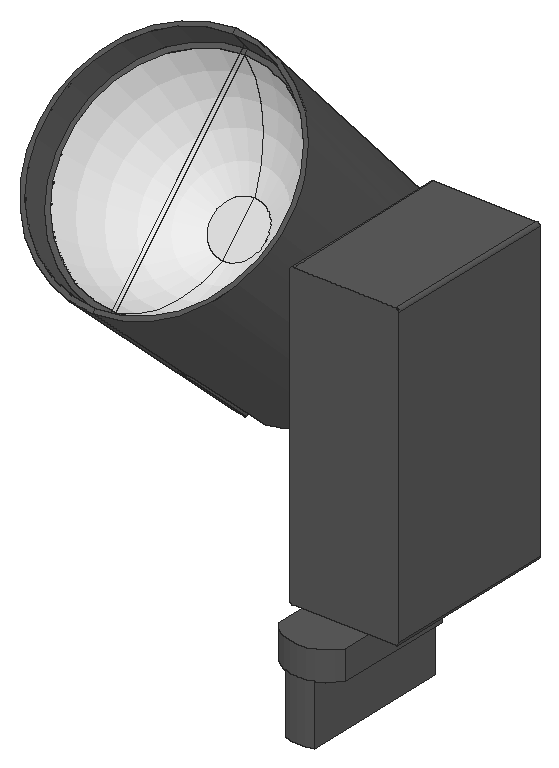
Revit family "0004906 Feilo Sylvania Lighting Fixture START TRACK SPOT L 55W 4K RA90 WB BLACK", category Lighting Fixtures, host Face, Revit 2017 (continued)
Definition of nested family "Start Track Spot Head"
  Types (96, lengths in mm): name | Wattage | built-in parameter 1150134 | Photometric Web File | Model | built-in parameter 1150105 | Lumens | built-in parameter 1150107 | built-in parameter 1150106 | HeadThickness_FEILO | HeadRibOffset_FEILO | HeadRibDepth_FEILO | HeadRibCutWidth_FEILO | HeadRibCutOffset_FEILO | HeadReflectorRadius_FEILO | HeadReflectorOffset_FEILO | HeadLEDRadius_FEILO | HeadHeight_FEILO | HeadDiffusorOffset_FEILO | HeadDiaOut_FEILO | HeadDiaIn_FEILO | HeadAxisFromTop_FEILO | Emit from Circle Diameter | built-in parameter 1150104 | Description | Apparent Load
    0004812 START TRACK SPOT S 14W 3K RA80 MB WHITE | 14 W | (empty or 0) | "0004812.ies" | "START TRACK SPOT S 14W 3K RA80 MB WHITE" | 120.32 (stored number, unit not read) | 1512 lm | 3000 (stored number, unit not read) | 1.2032 (stored number, unit not read) | 1.5 | 4.179 | 55.714 | 7.167 | 50.87 | 50.588 | 55.714 | 9.556 | 117 | 9.435 | 86 | 77.477 | 69.354 | 77.477 | 10.034 (stored number, unit not read) | "Integrated LED spotlight, Textured White - RAL9016, compact and minimalist design, ideal for retail applications, die-cast aluminium body, passive cooling heatsink. Beam angle: 36°, color temperature: 3000K , total system power: 14W, total fixture output: 1508 lm, LOR: 100%, colour rendering: Ra: 80 typical, LED Chromaticity: 3 step MacAdam ellipse, lifetime: >50000 hours at L70B50, energy class: A++, A+, A, IR/UV free light source without heat radiation, operating voltage: 220-240V / 50-60Hz, drive current: 350mA, electronic driver, non-dimmable, power factor: 0.92, electrical protection: Class II, Global Track 3 Phase adapter suitable for Global trac 3-circuit tracks, ingress protection rating: IP20, suitable for internal environment only, horizontal rotation: 355°, vertical tilt: 90°, dimensions: Ø86x140x200, weight: 0.940kg." | 14 VA
    0004811 START TRACK SPOT S 14W 3K RA80 NB WHITE | 14 W | (empty or 0) | "0004811.ies" | "START TRACK SPOT S 14W 3K RA80 NB WHITE" | 123.66 (stored number, unit not read) | 1554 lm | 3000 (stored number, unit not read) | 1.2366 (stored number, unit not read) | 1.5 | 4.179 | 55.714 | 7.167 | 50.87 | 50.588 | 55.714 | 9.556 | 117 | 9.435 | 86 | 77.477 | 69.354 | 77.477 | 10.312 (stored number, unit not read) | "Integrated LED spotlight, Textured White - RAL9016, compact and minimalist design, ideal for retail applications, die-cast aluminium body, passive cooling heatsink. Beam angle: 12°, color temperature: 3000K , total system power: 14W, total fixture output: 1551 lm, LOR: 100%, colour rendering: Ra: 80 typical, LED Chromaticity: 3 step MacAdam ellipse, lifetime: >50000 hours at L70B50, energy class: A++, A+, A, IR/UV free light source without heat radiation, operating voltage: 220-240V / 50-60Hz, drive current: 350mA, electronic driver, non-dimmable, power factor: 0.92, electrical protection: Class II, Global Track 3 Phase adapter suitable for Global trac 3-circuit tracks, ingress protection rating: IP20, suitable for internal environment only, horizontal rotation: 355°, vertical tilt: 90°, dimensions: Ø86x140x200, weight: 0.940kg." | 14 VA
  Reference planes
    plane 1 "Center (Front/Back)": y = 0
    plane 2: z = 0
    plane 3 "Center (Left/Right)": x = 0
    plane 4: x = 43
    plane 5: x = -43
    plane 6: x = -38.739
    plane 7: x = 38.739
    plane 8: z = 69.354
    plane 9: z = -47.646
    plane 10: x = -41.5
    plane 11: x = -37.239
    plane 12: z = -38.211
    plane 13: z = -35.211
    plane 14: z = 8.068
    plane 15: x = -9.556
    plane 16: x = -28.667
    plane 17: x = -19.111
    plane 18: x = -27.167
    plane 19: x = -17.611
    plane 20: x = -8.056
    plane 21: z = 13.64
    plane 22: x = -29.667
    plane 23: x = -26.167
    plane 24: x = -20.111
    plane 25: x = -16.611
    plane 26: x = -10.556
    plane 27: x = -7.056
    plane 28: x = -36.239
    plane 29: x = -40.5
    plane 30: z = 65.175
    plane 31: z = 60.997
    plane 32: z = 56.818
    plane 33: z = 18.484
    plane 34: y = -43
    plane 35: y = 43
    plane 36: y = 3.583
    plane 37: y = -3.583
    plane 38: y = -2.583
    plane 39: y = 2.583
    plane 40: y = 46
    plane 41: z = 13.5
    plane 42: z = -13.5
    plane 43: y = 39
    plane 44: x = 4.708
    plane 45: x = -2.458
    plane 46: x = -1.458
    plane 47: x = 1.458
  Forms (mm)
    Extrusion 1, solid
      sketch origin (4.2, 0, 0) x (1, 0, 0) y (0, 1, 0)
        loop
          line (-1219.2, 1219.2) -> (-1219.2, -1219.2) -> (1219.2, -1219.2) -> (1219.2, 1219.2) -> (-1219.2, 1219.2)
      from 0 to -68.017
    Revolve 2, solid, material <- "Material_1_FEILO", detail levels medium+fine
      sketch origin (0, 0, 0) x (1, 0, 0) y (0, 0, 1)
        loop
          line (-43, -47.646) -> (-41.5, -47.646) -> (-40.5, -35.211) -> (-38.739, -35.211)
          arc (-38.739, -35.211) -> (-30.16, -9.517) -> (-9.556, 8.068) r 50.588
          line (-9.556, 8.068) -> (0, 8.068) -> (0, 13.64) -> (-16.611, 13.64) -> (-17.611, 60.997) -> (-19.111, 60.997) -> (-20.111, 13.64) -> (-36.239, 13.64) -> (-37.239, 69.354) -> (-38.739, 69.354) -> (-43, -47.646)
        axis (0, 69.354) -> (0, -47.646)
      angle from 360 to 0
    Extrusion 3, void
      sketch origin (0, 0, 0) x (0, 1, 0) y (0, 0, 1)
        loop
          line (-3.583, 69.354) -> (-2.583, 18.484) -> (1.932, 18.484) -> (2.932, 69.354) -> (-3.583, 69.354)
      from 43 to -43
    Revolve 4, solid, material <- "Material_2_FEILO", detail levels medium+fine
      sketch origin (0, 0, 0) x (1, 0, 0) y (0, 0, 1)
        loop
          line (-41.5, -38.211) -> (0, -38.211) -> (0, -35.211) -> (-41.5, -35.211) -> (-41.5, -38.211)
        axis (0, -35.211) -> (0, -38.211)
      angle from 360 to 0
    Revolve 5, solid, material <- "Material_1_FEILO"
      sketch origin (0, 0, 0) x (0, 1, 0) y (0, 0, 1)
        loop
          line (46, 0) -> (39, 0) -> (39, -13.5) -> (46, -13.5) -> (46, 0)
        axis (39, 0) -> (46, 0)
      angle from 360 to 0
    Revolve 6, solid, material <- "Material_1_FEILO", detail levels medium+fine
      sketch origin (0, 0, 0) x (1, 0, 0) y (0, 0, 1)
        loop
          line (-29.667, 13.64) -> (-26.167, 13.64) -> (-27.167, 65.175) -> (-28.667, 65.175) -> (-29.667, 13.64)
        loop
          line (-10.556, 13.64) -> (-7.056, 13.64) -> (-7.833, 56.818) -> (-9.778, 56.818) -> (-10.556, 13.64)
        axis (0, 65.175) -> (0, 13.64)
      angle from 360 to 0
    Extrusion 7, void
      sketch origin (0, 0, 0) x (1, 0, 0) y (0, 0, 1)
        loop
          line (4.708, 69.354) -> (-2.458, 69.354) -> (-1.458, 13.64) -> (1.458, 13.64) -> (4.708, 69.354)
      from -43 to 43
    Revolve 8, solid, material <- "Material_1_FEILO", detail levels coarse
      sketch origin (0, 0, 0) x (1, 0, 0) y (0, 0, 1)
        loop
          line (0, 69.354) -> (-38.739, 69.354) -> (-43, -47.646) -> (-41.5, -47.646) -> (-40.731, -38.211) -> (0, -38.211) -> (0, 69.354)
        axis (0, 69.354) -> (0, -47.646)
      angle from 360 to 0
  Cuts and joins
    Extrusion 3 cuts Revolve 2
    Extrusion 7 cuts Revolve 6
  Dimensions and locks
    equal spacing: plane 7, plane 3 "Center (Left/Right)", plane 6
    equal spacing: plane 4, plane 3 "Center (Left/Right)", plane 5
    "HeadDiaOut_FEILO": plane 4 to plane 5
    "HeadDiaIn_FEILO": plane 7 to plane 6
    "HeadHeight_FEILO": plane 8 to plane 9
    "HeadThickness_FEILO": plane 10 to plane 5
    "HeadThickness_FEILO": plane 11 to plane 6
    "HeadDiffusorOffset_FEILO": plane 12 to plane 9
    "HeadDiffusorThickness_FEILO": plane 13 to plane 12
    "HeadReflectorOffset_FEILO": plane 14 to plane 9
    "HeadLEDRadius_FEILO": plane 3 "Center (Left/Right)" to plane 15
    "HeadLEDRadius_FEILO": plane 15 to plane 17
    "HeadLEDRadius_FEILO": plane 17 to plane 16
    "HeadThickness_FEILO": plane 18 to plane 16
    "HeadThickness_FEILO": plane 19 to plane 17
    "HeadThickness_FEILO": plane 20 to plane 15
    "HeadRibDepth_FEILO": plane 8 to plane 21
    "HeadDraft_FEILO": plane 16 to plane 22
    "HeadDraft_FEILO": plane 23 to plane 18
    "HeadDraft_FEILO": plane 17 to plane 24
    "HeadDraft_FEILO": plane 25 to plane 19
    "HeadDraft_FEILO": plane 15 to plane 26
    "HeadDraft_FEILO": plane 27 to plane 20
    "HeadDraft_FEILO": plane 29 to plane 10
    "HeadDraft_FEILO": plane 28 to plane 11
    "HeadRibOffset_FEILO": plane 8 to plane 30
    "HeadRibOffset_FEILO": plane 30 to plane 31
    "HeadRibOffset_FEILO": plane 31 to plane 32
    "HeadAxisFromTop_FEILO": plane 8 to plane 2
    "HeadRibCutOffset_FEILO": plane 8 to plane 33
    equal spacing: plane 34, plane 1 "Center (Front/Back)", plane 35
    "HeadDiaOut_FEILO": plane 34 to plane 35
    equal spacing: plane 38, plane 1 "Center (Front/Back)", plane 39
    equal spacing: plane 37, plane 1 "Center (Front/Back)", plane 36
    "HeadRibCutWidth_FEILO": plane 37 to plane 36
    "HeadDraft_FEILO": plane 37 to plane 38
    locked: plane 35 to plane 40 at 3
    equal spacing: plane 41, plane 2, plane 42
    locked: plane 42 to plane 41 at 27
    locked: plane 43 to plane 35 at 4
    equal spacing: plane 45, imposter light, plane 44
    "HeadDraft_FEILO": plane 46 to plane 45
    "HeadRibCutWidth_FEILO": plane 44 to plane 45
    equal spacing: plane 47, plane 3 "Center (Left/Right)", plane 46
    "HeadReflectorRadius_FEILO": radius of Revolve 2 sketch curve
    aligned and locked: plane 2 to Extrusion 1
    aligned and locked: level to Extrusion 1
    aligned and locked: Revolve 2 sketch curve to plane 3 "Center (Left/Right)"  (x2)
    aligned and locked: plane 9 to Revolve 2 sketch curve  (x2)
    aligned and locked: plane 5 to Revolve 2 sketch curve
    aligned and locked: plane 10 to Revolve 2 sketch curve
    aligned and locked: plane 14 to Revolve 2 sketch curve
    aligned and locked: plane 8 to Revolve 2 sketch curve
    aligned and locked: Revolve 2 sketch curve to plane 13
    aligned and locked: plane 12 to Revolve 4 sketch curve
    aligned and locked: plane 3 "Center (Left/Right)" to Revolve 4 sketch curve
    aligned and locked: Revolve 4 sketch curve to plane 10
    aligned and locked: Revolve 4 sketch curve to plane 3 "Center (Left/Right)"
    aligned and locked: plane 12 to imposter light
    aligned and locked: imposter light to plane 1 "Center (Front/Back)"
    aligned and locked: Revolve 5 sketch curve to plane 2
    aligned and locked: plane 43 to Revolve 5 sketch curve
    aligned and locked: plane 42 to Revolve 5 sketch curve
    aligned and locked: Revolve 6 sketch curve to plane 3 "Center (Left/Right)"
    aligned and locked: plane 22 to Revolve 6 sketch curve
    aligned and locked: plane 30 to Revolve 6 sketch curve
    aligned and locked: plane 23 to Revolve 6 sketch curve
    aligned and locked: Revolve 6 sketch curve to plane 21  (x2)
    aligned and locked: plane 21 to Revolve 6 sketch curve
    aligned and locked: plane 17 to Revolve 2 sketch curve
    aligned and locked: plane 19 to Revolve 2 sketch curve
    aligned and locked: plane 31 to Revolve 2 sketch curve
    aligned and locked: plane 21 to Revolve 2 sketch curve
    aligned and locked: Extrusion 3 to plane 8
    aligned and locked: plane 33 to Extrusion 3
    aligned and locked: plane 8 to Extrusion 3 sketch curve
    aligned and locked: Extrusion 3 sketch curve to plane 33
    aligned and locked: Extrusion 3 to plane 5
    aligned and locked: plane 4 to Extrusion 3
    aligned and locked: plane 32 to Revolve 6 sketch curve
    aligned and locked: plane 44 to Extrusion 7 sketch curve
    aligned and locked: Extrusion 7 sketch curve to plane 8
    aligned and locked: plane 46 to Extrusion 7 sketch curve
    aligned and locked: plane 21 to Extrusion 7 sketch curve
    aligned and locked: plane 34 to Extrusion 7
    aligned and locked: Extrusion 7 to plane 35
    aligned and locked: Revolve 4 sketch curve to plane 13
    aligned and locked: Revolve 5 sketch curve to plane 40
    aligned and locked: Revolve 8 sketch curve to plane 3 "Center (Left/Right)"
    aligned and locked: Revolve 8 sketch curve to cut or joined group of Revolve 2, Extrusion 3  (x3)
    aligned and locked: plane 5 to Revolve 8 sketch curve
    aligned and locked: plane 3 "Center (Left/Right)" to Revolve 8 sketch curve
    aligned and locked: plane 12 to Revolve 8 sketch curve
  Automatic sketch dimensions
    Extrusion 1 sketch curve to Extrusion 1 sketch curve = 2438.4 mm  (x2)
    Extrusion 3 sketch curve to plane 37 = 0 mm
    Extrusion 3 sketch curve to plane 38 = 0 mm
    plane 39 to Extrusion 3 sketch curve = 0.651 mm
    Extrusion 3 sketch curve to plane 39 = 0.349 mm
    Revolve 6 sketch curve to plane 16 = 0 mm
    Revolve 6 sketch curve to plane 18 = 0 mm
    Revolve 6 sketch curve to plane 26 = 0 mm
    Revolve 6 sketch curve to plane 27 = 0 mm
    Revolve 6 sketch curve to plane 15 = 0.222 mm
    plane 9 to Revolve 6 sketch curve = 559.103 mm
    Revolve 6 sketch curve to plane 8 = 2535.555 mm
    plane 20 to Revolve 6 sketch curve = 0.222 mm
    Revolve 2 sketch curve to plane 29 = 0 mm
    Revolve 2 sketch curve to plane 6 = 0 mm  (x2)
    Revolve 2 sketch curve to plane 11 = 0 mm
    Revolve 2 sketch curve to plane 21 = 0 mm
    Revolve 2 sketch curve to plane 28 = 0 mm
    Revolve 2 sketch curve to plane 24 = 0 mm
    Revolve 2 sketch curve to plane 25 = 0 mm
    Revolve 2 sketch curve to plane 15 = 0 mm
    Revolve 2 sketch curve to Revolve 2 sketch curve = 557.155 mm
    Revolve 2 sketch curve to plane 8 = 2535.558 mm
    Extrusion 7 sketch curve to plane 45 = 0 mm
    Extrusion 7 sketch curve to plane 47 = 0 mm
    plane 9 to Revolve 4 sketch curve = 559.103 mm
    Revolve 4 sketch curve to plane 8 = 2535.555 mm
    Revolve 5 sketch curve to level = 0 mm
    plane 34 to Revolve 5 sketch curve = 1968.092 mm
    Revolve 5 sketch curve to plane 40 = 1405.763 mm
    Revolve 8 sketch curve to plane 6 = 0 mm
    Revolve 8 sketch curve to plane 29 = 0.231 mm
    plane 9 to Revolve 8 sketch curve = 559.103 mm
    Revolve 8 sketch curve to Revolve 8 sketch curve = 2535.555 mm
Definition of nested family "Start Track Spot Box"
  Parameters (values of type "Type Large White")
    URL = "http://www.feilosylvania.com"
    Type Image = (empty or 0)
    Type Comments = "n/a"
    Small_FEILO = no
    Material_3_FEILO = none
    Model = ""
    Manufacturer = "Feilo Sylvania"
    Keynote = ""
    Material_2_FEILO = none
    Description = ""
    Default Elevation = 1219.2 mm
    Cost = 0
    Material_1_FEILO = none
    BoxWidth_FEILO = 49 mm
    BoxStartAngle_FEILO [instance] = 0.00°
    BoxRadius_FEILO = 1.5 mm
    BoxHeight_FEILO = if(Small_FEILO, 112 mm, 136 mm)  # 136 mm
    BoxEndAngle_FEILO [instance] = BoxStartAngle_FEILO - 180.00°  # -180.00°
    BoxDepth_FEILO = if(Small_FEILO, 71.5 mm, 79 mm)  # 79 mm
    BoxAxisVerticalOffset_FEILO = 16 mm
    BoxAxisOffset_FEILO = BoxHeight_FEILO / 6.8  # 20 mm
    Assembly Code = ""
    Material_4_FEILO = none
  Types (4, lengths in mm): name | Small_FEILO | BoxHeight_FEILO | BoxDepth_FEILO | BoxAxisOffset_FEILO
    Type Large White | no | 136 | 79 | 20
    Type Small White | yes | 112 | 71.5 | 16.471
    Type Small Black | yes | 112 | 71.5 | 16.471
    Type Large Black | no | 136 | 79 | 20
  Reference planes
    plane 1 "Center (Front/Back)": y = 0
    plane 2: z = 0
    plane 3 "Center (Left/Right)": x = 0
    plane 4: x = 24.5
    plane 5: x = -24.5
    plane 6: y = 68
    plane 7: y = -68
    plane 8: z = 39.5
    plane 9: z = -39.5
    plane 10: y = -48
    plane 11: x = 30.5
    plane 12: x = 8.5
    plane 13: x = 21.5
    plane 14: y = 70
    plane 15: y = 72
    plane 16: x = 19.5
  Forms (mm)
    Extrusion 1, solid
      sketch origin (4.2, 0, 0) x (1, 0, 0) y (0, 1, 0)
        loop
          line (-1219.2, 1219.2) -> (-1219.2, -1219.2) -> (1219.2, -1219.2) -> (1219.2, 1219.2) -> (-1219.2, 1219.2)
      from 0 to -68.017
    Extrusion 2, solid, material <- "Material_1_FEILO"
      sketch origin (0, 0, 0) x (1, 0, 0) y (0, 1, 0)
        loop
          arc (-23, 68) -> (-24.061, 67.561) -> (-24.5, 66.5) r 1.5
          line (-24.5, 66.5) -> (-24.5, -66.5)
          arc (-24.5, -66.5) -> (-24.061, -67.561) -> (-23, -68) r 1.5
          line (-23, -68) -> (23, -68)
          arc (23, -68) -> (24.061, -67.561) -> (24.5, -66.5) r 1.5
          line (24.5, -66.5) -> (24.5, 66.5)
          arc (24.5, 66.5) -> (24.061, 67.561) -> (23, 68) r 1.5
          line (23, 68) -> (-23, 68)
      from -39.5 to 39.5
    Revolve 3, solid, not visible
      sketch origin (0, 0, 0) x (1, 0, 0) y (0, 1, 0)
        loop
          line (30.5, -48) -> (24.5, -48) -> (24.5, -68) -> (30.5, -68) -> (30.5, -48)
        axis (30.5, -48) -> (24.5, -48)
      angle from 0 <- "BoxStartAngle_FEILO" to -180 <- "BoxEndAngle_FEILO"
    Revolve 4, solid, material <- "Material_2_FEILO"
      sketch origin (0, 0, 0) x (1, 0, 0) y (0, 1, 0)
        loop
          line (8.5, 68) -> (19.5, 68) -> (19.5, 70) -> (21.5, 70) -> (21.5, 72) -> (8.5, 72) -> (8.5, 68)
        axis (8.5, 72) -> (8.5, 68)
      angle from 360 to 0
  Dimensions and locks
    equal spacing: plane 5, plane 3 "Center (Left/Right)", plane 4
    "BoxWidth_FEILO": plane 5 to plane 4
    equal spacing: plane 7, plane 1 "Center (Front/Back)", plane 6
    "BoxHeight_FEILO": plane 7 to plane 6
    equal spacing: plane 8, plane 2, plane 9
    "BoxDepth_FEILO": plane 8 to plane 9
    "BoxAxisOffset_FEILO": plane 7 to plane 10
    locked: plane 4 to plane 11 at 6
    "BoxAxisVerticalOffset_FEILO": plane 12 to plane 4
    locked: plane 12 to plane 13 at 13
    plane 6 to plane 14 to plane 15 = 2 mm locked, 2 mm locked
    locked: plane 12 to plane 16 at 11
    "BoxRadius_FEILO": radius of Extrusion 2 sketch curve  (x4)
    aligned and locked: plane 2 to Extrusion 1
    aligned and locked: level to Extrusion 1
    aligned and locked: plane 6 to Extrusion 2 sketch curve
    aligned and locked: plane 5 to Extrusion 2 sketch curve
    aligned and locked: Extrusion 2 sketch curve to plane 7
    aligned and locked: Extrusion 2 sketch curve to plane 4
    aligned and locked: Extrusion 2 to plane 8
    aligned and locked: plane 9 to Extrusion 2
    aligned and locked: Revolve 3 sketch curve to plane 10  (x2)
    aligned and locked: plane 11 to Revolve 3 sketch curve
    aligned and locked: Revolve 3 sketch curve to plane 4
    aligned and locked: plane 7 to Revolve 3 sketch curve
    aligned and locked: Revolve 4 sketch curve to plane 12
    aligned and locked: plane 6 to Revolve 4 sketch curve
    aligned and locked: plane 12 to Revolve 4 sketch curve
    aligned and locked: plane 15 to Revolve 4 sketch curve
    aligned and locked: Revolve 4 sketch curve to plane 13
    aligned and locked: Revolve 4 sketch curve to plane 14
    aligned and locked: Revolve 4 sketch curve to plane 16
    aligned and locked: Revolve 4 sketch curve to plane 6
  Automatic sketch dimensions
    Extrusion 1 sketch curve to Extrusion 1 sketch curve = 2438.4 mm  (x2)
    Revolve 3 sketch curve to plane 5 = 1499.5 mm
    plane 11 to Revolve 3 sketch curve = 1493.5 mm
    plane 15 to Revolve 4 sketch curve = 0 mm
    plane 7 to Revolve 4 sketch curve = 1456 mm
    Revolve 4 sketch curve to plane 15 = 1452 mm
